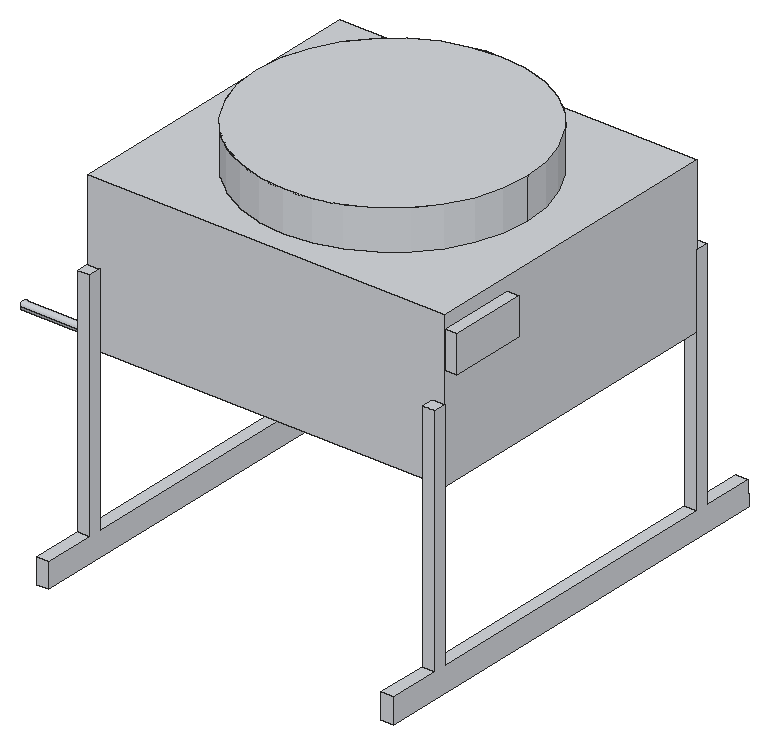
Revit family "255655e9c4ee45dcbbadf784bae6ff57", category Mechanical Equipment, Revit 2021
Family settings
  Round Connector Dimension = Use Radius
  Part Type = Normal
  OmniClass Number = 23.75.10.24.21.11.11
  OmniClass Title = Packaged Refrigerant Condensing Coils and Fan Units
  Seek Item ID = Condenser - Air Cooled - Vertical - 17-265 MBH-0000-USA-ENU
  Work Plane-Based = No
  Always vertical = Yes
  Cut with Voids When Loaded = No
  Shared = No
  Room Calculation Point = No
Parameters (values of type "17 MBH")
  Width 1 = 2' - 1 5/8"
  Voltage = 460 V
  Radius 1 = Diameter 1 / 2  # 0' - 11"
  Overall Height = 2' - 3 1/2"
  Outlet Radius = 5/16"
  Outlet Diameter = 2 * Outlet Radius  # 5/8"
  Number of Poles = 3
  Load Classification = Cooling
  Length 1 = 0' - 0"
  Leg Width = 3' - 0"
  Leg Thickness = 0' - 1"
  Leg Height = 1' - 9"
  Inlet Radius = 5/16"
  Inlet Diameter = 2 * Inlet Radius  # 5/8"
  Diameter 1 = 1' - 10"
  Default Elevation = 0' - 0"
  Condenser Width = 2' - 1 5/8"
  Condenser Material = none
  Condenser Length = 2' - 4"
  Condenser Height = 1' - 0 1/2"
  C2 Offset 2 = 1' - 3 1/2"
  C2 Offset 1 = 0' - 1"
  C1 Offset 2 = 1' - 4 1/2"
  C1 Offset 1 = 0' - 1"
  Apparent Load = 598 VA
Types (12): name | Width 1 | Radius 1 | Overall Height | Outlet Radius | Outlet Diameter | Length 1 | Leg Width | Leg Thickness | Leg Height | Inlet Radius | Inlet Diameter | Diameter 1 | Condenser Width | Condenser Length | Condenser Height | C2 Offset 2 | C2 Offset 1 | C1 Offset 2 | C1 Offset 1 | Apparent Load
  (no name) | 2' - 1 5/8" | 0' - 11" | 2' - 3 1/2" | 5/16" | 5/8" | 0' - 0" | 3' - 0" | 0' - 1" | 1' - 9" | 5/16" | 5/8" | 1' - 10" | 2' - 1 5/8" | 2' - 4" | 1' - 0 1/2" | 1' - 3 1/2" | 0' - 1" | 1' - 4 1/2" | 0' - 1" | 598 VA
  17 MBH | 2' - 1 5/8" | 0' - 11" | 2' - 3 1/2" | 5/16" | 5/8" | 0' - 0" | 3' - 0" | 0' - 1" | 1' - 9" | 5/16" | 5/8" | 1' - 10" | 2' - 1 5/8" | 2' - 4" | 1' - 0 1/2" | 1' - 3 1/2" | 0' - 1" | 1' - 4 1/2" | 0' - 1" | 598 VA
  29 MBH | 2' - 1 5/8" | 0' - 11" | 2' - 3 1/2" | 5/16" | 5/8" | 0' - 0" | 3' - 0" | 0' - 1" | 1' - 9" | 7/16" | 7/8" | 1' - 10" | 2' - 1 5/8" | 2' - 4" | 1' - 0 1/2" | 1' - 3 1/2" | 0' - 1" | 1' - 5 1/2" | 0' - 1" | 598 VA
  46 MBH | 2' - 6 5/8" | 0' - 11" | 2' - 5 1/2" | 5/16" | 5/8" | 0' - 0" | 3' - 0" | 0' - 1" | 1' - 9" | 7/16" | 7/8" | 1' - 10" | 2' - 6 5/8" | 2' - 9" | 1' - 2 1/2" | 1' - 3 1/2" | 0' - 1" | 1' - 5 1/2" | 0' - 1" | 598 VA
  61 MBH | 2' - 6 5/8" | 0' - 11" | 2' - 5 1/2" | 5/16" | 5/8" | 0' - 0" | 3' - 0" | 0' - 1" | 1' - 9" | 7/16" | 7/8" | 1' - 10" | 2' - 6 5/8" | 2' - 9" | 1' - 2 1/2" | 1' - 3 1/2" | 0' - 1" | 1' - 6 3/4" | 0' - 1" | 598 VA
  92 MBH | 2' - 6 5/8" | 0' - 11" | 2' - 5 1/2" | 7/16" | 7/8" | 2' - 7 1/2" | 3' - 0" | 0' - 1" | 1' - 9" | 9/16" | 1 1/8" | 1' - 10" | 2' - 6 5/8" | 5' - 3" | 1' - 2 1/2" | 1' - 3 1/2" | 0' - 1" | 1' - 5 13/16" | 0' - 1" | 2116 VA
  121 MBH | 2' - 6 5/8" | 0' - 11" | 2' - 5 1/2" | 9/16" | 1 1/8" | 2' - 7 1/2" | 3' - 0" | 0' - 1" | 1' - 9" | 11/16" | 1 3/8" | 1' - 10" | 2' - 6 5/8" | 5' - 3" | 1' - 2 1/2" | 1' - 3 5/8" | 0' - 1" | 1' - 5 13/16" | 0' - 1" | 2116 VA
  139 MBH | 2' - 6 5/8" | 0' - 11" | 2' - 6 3/4" | 9/16" | 1 1/8" | 2' - 7 1/2" | 3' - 0" | 0' - 1" | 1' - 9" | 11/16" | 1 3/8" | 1' - 10" | 2' - 6 5/8" | 5' - 3" | 1' - 3 3/4" | 1' - 3 5/8" | 0' - 1" | 1' - 5 13/16" | 0' - 1" | 2116 VA
  181 MBH | 3' - 10" | 1' - 4" | 3' - 6 3/4" | 9/16" | 1 1/8" | 4' - 1 1/8" | 4' - 0" | 0' - 4 1/2" | 1' - 6 1/4" | 11/16" | 1 3/8" | 2' - 8" | 4' - 0" | 8' - 2 1/4" | 2' - 0 1/2" | 1' - 9 1/4" | 0' - 3" | 2' - 1 3/4" | 2' - 0 1/2" | 6808 VA
  202 MBH | 3' - 10" | 1' - 4" | 3' - 6 3/4" | 9/16" | 1 1/8" | 4' - 1 1/8" | 4' - 0" | 0' - 4 1/2" | 1' - 6 1/4" | 11/16" | 1 3/8" | 2' - 8" | 4' - 0" | 8' - 2 1/4" | 2' - 0 1/2" | 1' - 9 1/4" | 0' - 3" | 2' - 1 3/4" | 2' - 0 1/2" | 6808 VA
  242 MBH | 3' - 10" | 1' - 4" | 3' - 6 3/4" | 11/16" | 1 3/8" | 4' - 1 1/8" | 4' - 0" | 0' - 4 1/2" | 1' - 6 1/4" | 13/16" | 1 5/8" | 2' - 8" | 4' - 0" | 8' - 2 1/4" | 2' - 0 1/2" | 1' - 9 1/4" | 0' - 3" | 2' - 1 3/4" | 2' - 0 1/2" | 6808 VA
  265 MBH | 3' - 10" | 1' - 4" | 3' - 6 3/4" | 11/16" | 1 3/8" | 4' - 1 1/8" | 4' - 0" | 0' - 4 1/2" | 1' - 6 1/4" | 13/16" | 1 5/8" | 2' - 8" | 4' - 0" | 8' - 2 1/4" | 2' - 0 1/2" | 1' - 9 1/4" | 0' - 3" | 2' - 1 3/4" | 2' - 0 1/2" | 6808 VA
Reference planes (in)
  plane 1 "Center (Front/Back)": y = 0
  plane 2: z = 0
  plane 3 "Center (Left/Right)": x = 0
  plane 4: x = 1
  plane 5: x = 29
  plane 6: x = 28
  plane 7: y = 36
  plane 8: y = 18
  plane 9: y = 30.8125
  plane 10: y = 5.1875
  plane 11: z = 21
  plane 12: z = 2
  plane 13: y = 4.1875
  plane 14: y = 31.8125
  plane 15: x = 14.5
  plane 16: z = 27.5
  plane 17: z = 30.75
  plane 18: x = 14.5
  plane 19: x = 14.5
  plane 20: z = 16.5
  plane 21 "1": y = 30.8125
  plane 22 "2": y = 5.1875
  plane 23: y = 29.8125
  plane 24: z = 15
  plane 25: x = -6
  plane 26: y = 6.1875
  plane 27: z = 15.5
  plane 28: x = 30
  plane 29: z = 26.5
  plane 30: z = 23.5
  plane 31: y = 11.4375
Forms (in)
  Extrusion 1, solid, material <- "Condenser Material"
    sketch origin (0, 0, 0) x (0, 1, 0) y (0, 0, 1)
      loop
        line (36, 2) -> (0, 2) -> (0, 0) -> (36, 0) -> (36, 2)
    from 0 to 1
  Extrusion 2, solid, material <- "Condenser Material"
    sketch origin (0, 0, 0) x (0, 1, 0) y (0, 0, 1)
      loop
        line (30.8125, 21) -> (30.8125, 2) -> (31.8125, 2) -> (31.8125, 21) -> (30.8125, 21)
      loop
        line (4.1875, 21) -> (4.1875, 2) -> (5.1875, 2) -> (5.1875, 21) -> (4.1875, 21)
    from 0 to 1
  Extrusion 3, solid, material <- "Condenser Material"
    sketch origin (29.75, 0, 0) x (0, 1, 0) y (0, 0, -1)
      loop
        line (36, -2) -> (36, 0) -> (0, 0) -> (0, -2) -> (36, -2)
    from 0.75 to 1.75
  Extrusion 4, solid, material <- "Condenser Material"
    sketch origin (33.5, 0, 0) x (0, 1, 0) y (0, 0, -1)
      loop
        line (30.8125, -21) -> (31.8125, -21) -> (31.8125, -2) -> (30.8125, -2) -> (30.8125, -21)
      loop
        line (4.1875, -21) -> (5.1875, -21) -> (5.1875, -2) -> (4.1875, -2) -> (4.1875, -21)
    from 4.5 to 5.5
  Extrusion 5, solid, material <- "Condenser Material"
    sketch origin (0, 4, 0) x (1, 0, 0) y (0, 1, 0)
      loop
        line (0, 26.8125) -> (0, 1.1875) -> (29, 1.1875) -> (29, 26.8125) -> (0, 26.8125)
    from 27.5 to 15
  Extrusion 6, solid, material <- "Condenser Material", detail levels fine
    sketch origin (0, 0, 0) x (1, 0, 0) y (0, 1, 0)
      loop
        circle (14.5, 18) r 11
    from 27.5 to 30.75
  Extrusion 7, solid, material <- "Condenser Material"
    sketch origin (102.75, 0, 0) x (-1, 0, 0) y (0, -1, 0)
      loop
        circle (88.25, -18) r 11
    from 27.5 to 30.75
  Extrusion 8, solid, material <- "Condenser Material"
    sketch origin (0, 0, 0) x (0, 1, 0) y (0, 0, 1)
      loop
        circle (29.8125, 16.5) r 0.3125
    from 0 to -6
  Extrusion 9, solid, material <- "Condenser Material"
    sketch origin (0, -23.36326, -1) x (0, 1, 0) y (0, 0, 1)
      loop
        circle (29.55076, 16.5) r 0.3125
    from 0 to -6
  Extrusion 10, solid, material <- "Condenser Material"
    sketch origin (0, 0, 0) x (0, 1, 0) y (0, 0, 1)
      loop
        line (11.4375, 26.5) -> (5.1875, 26.5) -> (5.1875, 23.5) -> (11.4375, 23.5) -> (11.4375, 26.5)
    from 29 to 30
Cuts and joins
  joined: Extrusion 3, Extrusion 4
  joined: Extrusion 1, Extrusion 2
Dimensions and locks (in)
  "Leg Thickness": plane 3 "Center (Left/Right)" to plane 4
  "Condenser Length": plane 5 to plane 4
  "Leg Thickness": plane 6 to plane 5
  "Leg Width": plane 7 to plane 1 "Center (Front/Back)"
  equal spacing: plane 7, plane 8, plane 1 "Center (Front/Back)"
  equal spacing: plane 9, plane 8, plane 10
  "Width 1": plane 9 to plane 10
  "Leg Height": plane 11 to plane 2
  locked: plane 10 to plane 13 at 1
  plane 14 to plane 9 = 0' - 1"
  equal spacing: plane 4, plane 15, plane 6
  locked: plane 17 to plane 16 at 3.25
  equal spacing: plane 18, plane 15, plane 19
  "Length 1": plane 18 to plane 19
  "C1 Offset 2": plane 20 to plane 2
  "Condenser Width": plane 21 "1" to plane 22 "2"
  equal spacing: plane 21 "1", plane 8, plane 22 "2"
  "C1 Offset 1": plane 21 "1" to plane 23
  "Condenser Height": plane 16 to plane 24
  "Overall Height": plane 16 to plane 2
  locked: plane 25 to plane 3 "Center (Left/Right)" at 6
  "C2 Offset 1": plane 26 to plane 22 "2"
  "C2 Offset 2": plane 27 to plane 2
  locked: plane 5 to plane 28 at 1
  locked: plane 22 "2" to plane 31 at 6.25
  locked: plane 16 to plane 29 at 1
  locked: plane 29 to plane 30 at 3
  "Radius 1": radius of Extrusion 6 sketch curve
  "Radius 1": radius of Extrusion 7 sketch curve
  "Inlet Radius": radius of Extrusion 8 sketch curve
  "Outlet Radius": radius of Extrusion 9 sketch curve
  aligned and locked: plane 7 to Extrusion 1 sketch curve
  aligned and locked: plane 12 to Extrusion 1 sketch curve
  aligned and locked: level to Extrusion 1 sketch curve
  aligned and locked: plane 1 "Center (Front/Back)" to Extrusion 1 sketch curve
  aligned and locked: plane 9 to Extrusion 2 sketch curve
  aligned and locked: plane 11 to Extrusion 2 sketch curve  (x2)
  aligned and locked: plane 12 to Extrusion 2 sketch curve
  aligned and locked: plane 10 to Extrusion 2 sketch curve
  aligned and locked: plane 4 to Extrusion 1
  aligned and locked: plane 4 to Extrusion 2
  aligned and locked: Extrusion 3 to plane 6
  aligned and locked: plane 5 to Extrusion 3
  aligned and locked: Extrusion 4 to plane 6
  aligned and locked: plane 5 to Extrusion 4
  aligned and locked: Extrusion 2 to plane 13
  aligned and locked: Extrusion 4 to Extrusion 2  (x2)
  aligned and locked: plane 9 to Extrusion 2
  aligned and locked: plane 9 to Extrusion 4
  aligned and locked: plane 14 to Extrusion 2
  aligned and locked: Extrusion 5 sketch curve to Extrusion 1
  aligned and locked: Extrusion 5 sketch curve to Extrusion 3
  aligned and locked: plane 18 to Extrusion 6 sketch curve
  aligned and locked: plane 8 to Extrusion 6 sketch curve
  aligned and locked: plane 17 to Extrusion 6
  aligned and locked: plane 19 to Extrusion 7 sketch curve
  aligned and locked: plane 8 to Extrusion 7 sketch curve
  aligned and locked: plane 17 to Extrusion 7
  aligned and locked: Extrusion 5 to plane 21 "1"
  aligned and locked: Extrusion 5 to plane 22 "2"
  aligned and locked: plane 16 to Extrusion 5
  aligned and locked: Extrusion 6 to Extrusion 5
  aligned and locked: Extrusion 7 to Extrusion 5
  aligned and locked: Extrusion 5 to plane 24
  aligned and locked: plane 23 to Extrusion 8 sketch curve
  aligned and locked: plane 20 to Extrusion 8 sketch curve
  aligned and locked: Extrusion 8 to plane 25
  aligned and locked: plane 26 to Extrusion 9 sketch curve
  aligned and locked: plane 27 to Extrusion 9 sketch curve
  aligned and locked: Extrusion 9 to plane 25
  aligned and locked: plane 3 "Center (Left/Right)" to Extrusion 9
  aligned and locked: plane 31 to Extrusion 10 sketch curve
  aligned and locked: plane 29 to Extrusion 10 sketch curve
  aligned and locked: plane 30 to Extrusion 10 sketch curve
  aligned and locked: plane 10 to Extrusion 10 sketch curve
  aligned and locked: plane 28 to Extrusion 10
  aligned and locked: Extrusion 10 to plane 5
Automatic sketch dimensions
  Extrusion 2 sketch curve to plane 12 = 0' - 0"
  Extrusion 2 sketch curve to plane 13 = 0' - 0"
  Extrusion 2 sketch curve to plane 14 = 0' - 0"
  Extrusion 3 sketch curve to plane 1 "Center (Front/Back)" = 0' - 0"
  Extrusion 3 sketch curve to level = 0' - 0"
  Extrusion 3 sketch curve to plane 7 = 0' - 0"
  Extrusion 3 sketch curve to plane 12 = 0' - 0"
  Extrusion 4 sketch curve to plane 12 = 0' - 0"  (x2)
  Extrusion 4 sketch curve to plane 13 = 0' - 0"
  Extrusion 4 sketch curve to plane 10 = 0' - 0"
  Extrusion 4 sketch curve to plane 9 = 0' - 0"
  Extrusion 4 sketch curve to plane 14 = 0' - 0"
  Extrusion 4 sketch curve to plane 11 = 0' - 0"  (x2)
  plane 10 to Extrusion 5 sketch curve = 0' - 0"
  Extrusion 5 sketch curve to plane 9 = 0' - 0"
Connectors (in)
  piping at (-6, 29.8125, 16.5), diameter 0.625, driven by "Inlet Radius"
    settings: on Extrusion 8, index 1, connector inside diameter 5/8", connector length 0' - 0", flow factor 0, pipe flow 0 GPM, pressure drop 0.00 psi, fitting loss kfactor 0, connector angle 0.00°, fixture units 0, engagement length 0' - 0", angle of deflection 0.00°, flow configuration 0, flow direction 1, fitting loss method 0, system type 22, joint type 0, gender type 0, connector reference index 2, connector utility 0, adjustable connector no, is connector primary yes, connector description "Cryogen In"
  piping at (-6, 6.1875, 15.5), diameter 0.625, driven by "Outlet Radius"
    settings: on Extrusion 9, index 2, connector inside diameter 5/8", connector length 0' - 0", flow factor 0, pipe flow 0 GPM, pressure drop 0.00 psi, fitting loss kfactor 0, connector angle 0.00°, fixture units 0, engagement length 0' - 0", angle of deflection 0.00°, flow configuration 0, flow direction 2, fitting loss method 0, system type 22, joint type 0, gender type 0, connector reference index 1, connector utility 0, adjustable connector no, is connector primary no, connector description "Cryogen Out"
  electrical at (29.5, 8.3125, 23.5), driven by "Apparent Load", driven by "Voltage", driven by "Number of Poles", driven by "Load Classification"
    settings: on Extrusion 10, index 3, voltage 460 V, apparent load 598 VA, apparent load phase1 0 VA, apparent load phase2 0 VA, apparent load phase3 0 VA, power factor 0.8, load classification "Cooling", number of poles 3, system type 30, power factor state 1, is connector primary yes, connector utility no, sub classification motor no, connector description ""
